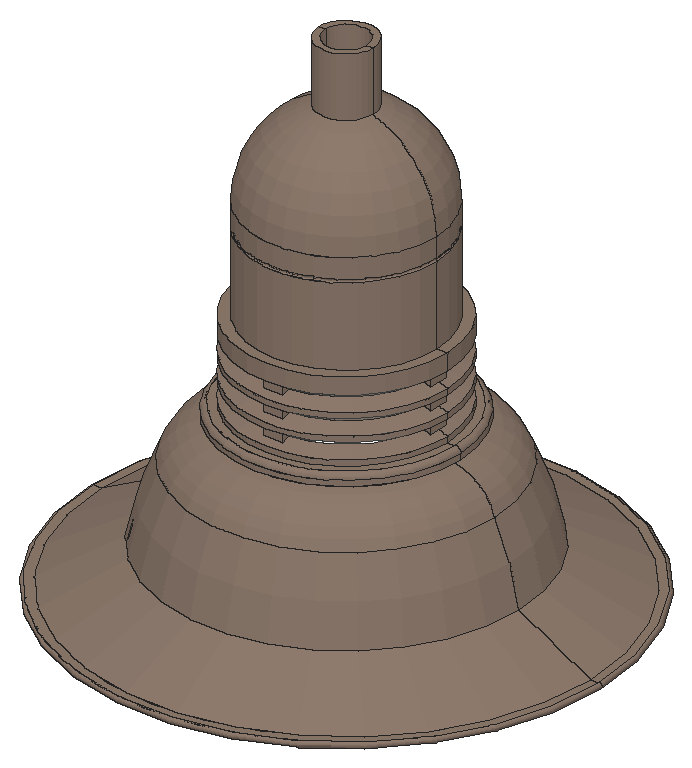
Revit family "BVB2009", category Generic Models, Revit 2014
Parameters
  GLASS = Glass
  DETAIL = Bronze, Architectural
  BELL = Bronze, Architectural
Reference planes (in)
  plane 1 "Center (Front/Back)": y = 0
  plane 2: z = 0
  plane 3 "Center (Left/Right)": x = 0
Forms (in)
  Revolve 1, solid, material "Bronze, Architectural" <- "BELL"
    sketch origin (0, 0, 0) x (1, 0, 0) y (0, 0, 1)
      loop
        line (-1.0625, 19.38175) -> (-1.0625, 17.06821) -> (-0.8125, 17.06821) -> (-0.8125, 19.38175) -> (-1.0625, 19.38175)
      axis (0, 19.38175) -> (0, 17.06821)
    angle from 0 to 360
  Revolve 2, solid, material "Bronze, Architectural" <- "BELL"
    sketch origin (0, 0, 0) x (1, 0, 0) y (0, 0, 1)
      loop
        arc (-0.88506, 17.06821) -> (-2.79881, 15.80833) -> (-3.54025, 13.64037) r 3.54025
        line (-3.54025, 13.64037) -> (-3.54025, 12.85944)
        arc (-3.54025, 12.85944) -> (-3.50812, 12.80737) -> (-3.54025, 12.75531) r 0.05824
        line (-3.54025, 12.75531) -> (-3.54025, 9.68362) -> (-3.95675, 9.68362) -> (-3.95675, 9.05887) -> (-3.4465, 9.05887) -> (-3.4465, 12.71391)
        arc (-3.4465, 12.71391) -> (-3.41437, 12.80737) -> (-3.4465, 12.90084) r 0.15199
        line (-3.4465, 12.90084) -> (-3.4465, 13.64037)
        arc (-3.4465, 13.64037) -> (-2.72832, 15.74624) -> (-0.87307, 16.97446) r 3.4465
        line (-0.87307, 16.97446) -> (-0.38506, 16.97446) -> (-0.38506, 17.06821) -> (-0.88506, 17.06821)
      axis (0, 17.06821) -> (0, 9.05887)
    angle from 0 to 360
  Revolve 3, solid, material "Glass" <- "GLASS"
    sketch origin (0, 0, 0) x (1, 0, 0) y (0, 0, 1)
      loop
        line (3.332, 9.05887) -> (3.207, 9.05887) -> (3.207, 6.55987) -> (3.332, 6.55987) -> (3.332, 9.05887)
      axis (0, 9.05887) -> (0, 6.55987)
    angle from 0 to 360
  Revolve 4, solid, material "Bronze, Architectural" <- "DETAIL"
    sketch origin (0, 0, 0) x (1, 0, 0) y (0, 0, 1)
      loop
        line (3.95675, 8.43412) -> (3.332, 8.64237) -> (3.332, 8.54355) -> (3.863, 8.36655) -> (3.863, 8.22587) -> (3.95675, 8.22587) -> (3.95675, 8.43412)
      loop
        line (3.95675, 7.60112) -> (3.332, 7.80937) -> (3.332, 7.71055) -> (3.863, 7.53355) -> (3.863, 7.39287) -> (3.95675, 7.39287) -> (3.95675, 7.60112)
      loop
        line (3.95675, 6.76812) -> (3.332, 6.97637) -> (3.332, 6.87755) -> (3.863, 6.70055) -> (3.863, 6.55987) -> (3.95675, 6.55987) -> (3.95675, 6.76812)
      axis (0, 8.64237) -> (0, 6.55987)
    angle from 0 to 360
  Extrusion 5, solid, material "Bronze, Architectural" <- "DETAIL"
    sketch origin (0, 0, 0) x (1, 0, 0) y (0, 0, 1)
      loop
        line (3.332, 6.55987) -> (3.59231, 6.55987) -> (3.59231, 9.05887) -> (3.332, 9.05887) -> (3.332, 6.55987)
    from -0.375 to 0.375
  Extrusion 6, solid, material "Bronze, Architectural" <- "DETAIL"
    sketch origin (0, 0, 0) x (-1, 0, 0) y (0, 0, 1)
      loop
        line (3.332, 6.55987) -> (3.59231, 6.55987) -> (3.59231, 9.05887) -> (3.332, 9.05887) -> (3.332, 6.55987)
    from -0.375 to 0.375
  Extrusion 7, solid, material "Bronze, Architectural" <- "DETAIL"
    sketch origin (0, 0, 0) x (0, 1, 0) y (0, 0, 1)
      loop
        line (3.332, 6.55987) -> (3.59231, 6.55987) -> (3.59231, 9.05887) -> (3.332, 9.05887) -> (3.332, 6.55987)
    from -0.375 to 0.375
  Extrusion 8, solid, material "Bronze, Architectural" <- "DETAIL"
    sketch origin (0, 0, 0) x (0, -1, 0) y (0, 0, 1)
      loop
        line (3.332, 6.55987) -> (3.59231, 6.55987) -> (3.59231, 9.05887) -> (3.332, 9.05887) -> (3.332, 6.55987)
    from -0.375 to 0.375
  Revolve 9, solid, material "Bronze, Architectural" <- "BELL"
    sketch origin (0, 0, 0) x (1, 0, 0) y (0, 0, 1)
      loop
        line (-3.207, 6.55987) -> (-4.26912, 6.55987)
        arc (-4.26912, 6.55987) -> (-4.41638, 6.49888) -> (-4.47737, 6.35162) r 0.20825
        line (-4.47737, 6.35162) -> (-4.47737, 6.14337) -> (-3.94801, 6.14337)
        arc (-3.94801, 6.14337) -> (-4.09417, 6.08283) -> (-4.15471, 5.93668) r 0.2067
        arc (-4.15471, 5.93668) -> (-5.17776, 5.48781) -> (-5.831, 4.5815) r 2.12182
        arc (-5.831, 4.5815) -> (-6.40166, 3.15657) -> (-6.76812, 1.666) r 10.98527
        line (-6.76812, 1.666) -> (-9.55768, 0.20825) -> (-9.89187, 0.20825)
        arc (-9.89187, 0.20825) -> (-9.996, 0.10412) -> (-9.89187, 0) r 0.10413
        line (-9.89187, 0) -> (-9.51426, 0.12516) -> (-6.68353, 1.60443)
        arc (-6.68353, 1.60443) -> (-6.31879, 3.10794) -> (-5.7447, 4.5446) r 10.89152
        arc (-5.7447, 4.5446) -> (-5.07598, 5.4486) -> (-4.02847, 5.8574) r 2.02807
        arc (-4.02847, 5.8574) -> (-4.0522, 5.98029) -> (-3.94801, 6.04962) r 0.11295
        line (-3.94801, 6.04962) -> (-3.8539, 6.04962) -> (-3.8539, 6.23712) -> (-3.94801, 6.23712) -> (-4.38362, 6.23712) -> (-4.38362, 6.35162)
        arc (-4.38362, 6.35162) -> (-4.35009, 6.43259) -> (-4.26912, 6.46612) r 0.1145
        line (-4.26912, 6.46612) -> (-3.207, 6.46612) -> (-3.207, 6.55987)
      axis (0, 6.55987) -> (0, 0)
    angle from 0 to 360
Dimensions and locks (in)
  aligned and locked: plane 2 to level
